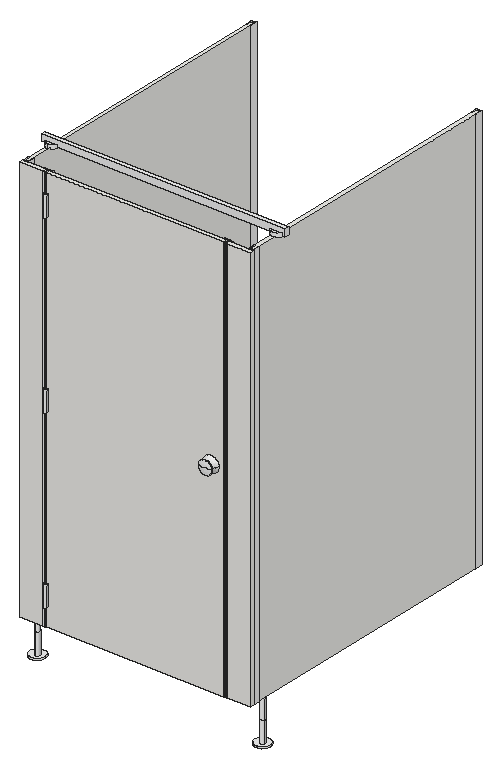
Revit family "Alsanit - Kabiny sanitarne LIFT - LPW", category Doors, Revit 2020
Family settings
  Work Plane-Based = No
  Always vertical = Yes
  Cut with Voids When Loaded = No
  Shared = No
  Room Calculation Point = No
Parameters (values of type "18 mm")
  Średnica wspornika górnego = 57.00 mm  # constant formula
  Średnica nóżki 3 = 70.00 mm  # constant formula
  Średnica nóżki 2 = 22.00 mm  # constant formula
  Width = 0.00 mm  # constant formula
  Type Comments = "Kabiny sanitarne (ścianki giszetowe do WC)"
  Thickness = Grubość ścianki  # 18.00 mm
  Szerokość drzwi (max. 1000 mm) [instance] = 800.00 mm
  Rough Width = 0.00 mm  # constant formula
  Rough Height = 0.00 mm  # constant formula
  Prawa podpora belki widoczność [instance] = not(Prawa strona przy ścianie)  # yes
  Prawa belka odsunięcie [instance] = if(Prawa strona przy ścianie, 0.00 mm, if(Prawa strona połączona, 0.00 mm, 29.00 mm))  # 29.00 mm
  Podcięcie na geberit - prawe [instance] = no
  Podcięcie na geberit - prawa wartość [instance] = if([Podcięcie na geberit - prawe], Szerokość wewnętrzna modułu / 2 + 50.00 mm, 5.00 mm)  # 5.00 mm
  Podcięcie na geberit - odsunięcie poziome wartość [instance] = if([Podcięcie na geberit - odsunięcie poziome] = 0.00 mm, 5.00 mm, [Podcięcie na geberit - odsunięcie poziome])  # 5.00 mm
  Podcięcie na geberit - odsunięcie poziome [instance] = 0.00 mm
  Podcięcie na geberit - odsunięcie pionowe wartość [instance] = if([Podcięcie na geberit - odsunięcie pionowe] = 0.00 mm, 5.00 mm, [Podcięcie na geberit - odsunięcie pionowe])  # 5.00 mm
  Podcięcie na geberit - odsunięcie pionowe [instance] = 0.00 mm
  Podcięcie na geberit - lewe [instance] = no
  Podcięcie na geberit - lewa wartość [instance] = if([Podcięcie na geberit - lewe], Szerokość wewnętrzna modułu / 2 + 50.00 mm, 5.00 mm)  # 5.00 mm
  Nóżka prawa centralna [instance] = not(Prawa strona przy ścianie)  # yes
  Nóżka lewa centralna [instance] = not(or(Lewa strona przy ścianie, Lewa strona połączona))  # yes
  Średnica nóżki 1 = 20.00 mm  # constant formula
  Lewa strona belka odsunięcie [instance] = if(Lewa strona przy ścianie, 0.00 mm, if(Lewa strona połączona, 0.00 mm, 29.00 mm))  # 29.00 mm
  Lewa podpora belki widoczność [instance] = and(not(Lewa strona przy ścianie), not(Lewa strona połączona))  # yes
  Krótki opis = "Kabiny sanitarne ALSANIT posiadające oznaczenie CE zgodnie z parametrami systemu"
  Height = 0.00 mm  # constant formula
  Function = Interior
  Film Instruktażowy = "https://youtu.be/qyrI1CfgFO4"
  Define Thermal Properties by = Schematic Type
  Construction Type = "Kabiny sanitarne"
  Belka lift widoczność [instance] = if(and((Lewa strona przy ścianie), (Prawa strona przy ścianie)), 1 = 0, 1 = 1)  # yes
  Analytic Construction = "<None>"
  Akcesoria - wzmocnienie pionowe prawe [instance] = [Odsunięcie prawej ścianki od osi (min. 60 mm)] > 399.00 mm  # no
  Akcesoria - wzmocnienie pionowe lewe [instance] = (Szerokość wewnętrzna modułu - [Szerokość drzwi (max. 1000 mm)] - [Odsunięcie prawej ścianki od osi (min. 60 mm)]) > 400.00 mm  # no
  Wysokość ścianki łączącej [instance] = Wysokość modułu  # 2030.00 mm
  Szerokość zewnętrzna modułu [instance] = 1042.00 mm
  Szerokość wewnętrzna modułu [instance] = 1000.00 mm
  Szerokość obliczona [instance] = if(and(Lewa strona przy ścianie, Prawa strona przy ścianie), Szerokość wewnętrzna modułu - 2 * (Grubość ścianki + 7.00 mm), if(or(Lewa strona przy ścianie, Prawa strona przy ścianie), Szerokość wewnętrzna modułu - Grubość ścianki - 7.00 mm, Szerokość wewnętrzna modułu))  # 1000.00 mm
  Odsunięcie górne ścianek frontowych [instance] = 0.00 mm  # constant formula
  Wysokość modułu [instance] = 2030.00 mm  # constant formula
  URL = "https://www.alsanit.pl/"
  Rodzaj płyt = "LPW - Laminowana płyta wiórowa"
  Prawe odsunięcie belki dolnej [instance] = if(Prawa strona przy ścianie, 30.00 mm, 0.00 mm)  # 0.00 mm
  Prawa strona niepołączona [instance] = not(Prawa strona połączona)  # yes
  Odsunięcie górne belek frontowych [instance] = 0.00 mm  # constant formula
  Model = "LIFT"
  Manufacturer = "Alsanit"
  Lewe odsunięcie belki dolnej [instance] = if(Lewa strona przy ścianie, 30.00 mm, 0.00 mm)  # 0.00 mm
  Lewa strona niepołączona [instance] = not(Lewa strona połączona)  # yes
  Głębokość modułu (max. 1600 mm) [instance] = 1290.00 mm
  Głębokość modułu [instance] = if([Głębokość modułu (max. 1600 mm)] > 1500.00 mm, 1600.00 mm, [Głębokość modułu (max. 1600 mm)])  # 1290.00 mm
  Description = "Kabiny sanitarne to idealna kombinacja trwałości i estetyki w najnowszej cenie. Ze względu na estetyczność zastosowań jest najchętniej kupowanym systemem kabin sanitarnych w Polsce."
  Autor = "www.archispace.pl"
  Orientacja - na zewnątrz [instance] = not([Orientacja - do wewnątrz])  # yes
  Orientacja - do wewnątrz [instance] = no
  Wysokość drzwi [instance] = Wysokość modułu  # 2030.00 mm
  Ścianka łącząca [instance] = not(Prawa strona przy ścianie)  # yes
  Szerokość drzwi [instance] = if([Szerokość drzwi (max. 1000 mm)] > 1000.00 mm, 1000.00 mm, [Szerokość drzwi (max. 1000 mm)])  # 800.00 mm
  Prawe odsunięcie osi [instance] = if(Prawa strona zamknięta, Grubość ścianki / 2 + 3.00 mm, if(Prawa strona przy ścianie, Grubość ścianki / 2 + 7.00 mm, 0.00 mm))  # 12.00 mm
  Prawa strona zamknięta typ = Rodzaj połączenia : Zamknięta
  Prawa strona zamknięta [instance] = [Połączenie - prawa strona] = Prawa strona zamknięta typ  # yes
  Prawa strona przy ścianie typ = Rodzaj połączenia : Przy ścianie
  Prawa strona przy ścianie [instance] = [Połączenie - prawa strona] = Prawa strona przy ścianie typ  # no
  Prawa strona połączona typ = Rodzaj połączenia : Połączona
  Prawa strona połączona [instance] = [Połączenie - prawa strona] = Prawa strona połączona typ  # no
  Prawe odsunięcie osi panelu [instance] = if(Prawa strona przy ścianie, 10.00 mm, 0.00 mm)  # 0.00 mm
  Odsunięcie prawej ścianki od osi (min. 60 mm) [instance] = 102.00 mm
  Połączenie - prawa strona [instance] = Rodzaj połączenia : Zamknięta
  Orientacja - odbij lustrzanie [instance] = no
  Materiał płyt = Alsanit - LPW - Biały 9016
  Materiał okuć = Alsanit - Aluminium
  Materiał wsporników = Alsanit - Aluminium
  Materiał belek = Alsanit - Aluminium
  Lewe odsunięcie osi panelu [instance] = if(Lewa strona przy ścianie, 10.00 mm, 0.00 mm)  # 0.00 mm
  Lewe odsunięcie osi [instance] = if(Lewa strona zamknięta, Grubość ścianki / 2 + 3.00 mm, if(Lewa strona przy ścianie, Grubość ścianki / 2 + 7.00 mm, 0.00 mm))  # 12.00 mm
  Lewa strona zamknięta typ = Rodzaj połączenia : Zamknięta
  Lewa strona zamknięta [instance] = [Połączenie - lewa strona] = Lewa strona zamknięta typ  # yes
  Lewa strona przy ścianie typ = Rodzaj połączenia : Przy ścianie
  Lewa strona przy ścianie [instance] = [Połączenie - lewa strona] = Lewa strona przy ścianie typ  # no
  Lewa strona połączona typ = Rodzaj połączenia : Połączona
  Lewa strona połączona [instance] = [Połączenie - lewa strona] = Lewa strona połączona typ  # no
  Odsunięcie lewej ścianki od osi (min. 60 mm) [instance] = 102.00 mm
  Połączenie - lewa strona [instance] = Rodzaj połączenia : Zamknięta
  Grubość ścianki = 18.00 mm
  Default Elevation = 0.00 mm
  Orientacja - bez odbicia [instance] = not([Orientacja - odbij lustrzanie])  # yes
Reference planes
  plane 1 "Center (Front/Back)": y = 0
  plane 2: z = 0
  plane 3 "Center (Left/Right)": x = 0
  plane 4: x = -500
  plane 5: x = 500
  plane 6: x = 509
  plane 7: x = 518
  plane 8: x = -509
  plane 9: x = -518
  plane 10: y = -1290
  plane 11: y = -1308
  plane 12: y = -10
  plane 13: y = -1284
  plane 14: y = -1299
  plane 15 "Lewa oś wstawienia": x = -521
  plane 16 "Prawa oś wstawienia": x = 521
  plane 17: y = -1224.5
  plane 18: x = 407
  plane 19: x = 400
  plane 20: x = -400
  plane 21: x = -407
  plane 22 "Prawe odsunięcie osi panelu": x = 521
  plane 23 "Lewe odsunięcie osi panelu": x = -521
  plane 24: x = 0
  plane 25: x = -423.5
  plane 26: x = 423.5
  plane 27: z = 188
  plane 28 "Wysokość modułu": z = 2030
  plane 29 "Odsunięcie górne ścianek frontowych": z = 2030
  plane 30: y = -1288.5
  plane 31: x = -521
  plane 32: x = 521
  plane 33: z = 100
  plane 34: z = 243.5
  plane 35: z = 2030
  plane 36: z = 188
  plane 37: x = -521
  plane 38: x = 521
  plane 39: z = 188
  plane 40: z = 2030
  plane 41: z = 2030
  plane 42: z = 2030
  plane 43: z = 2030
  plane 44: z = 2030
  plane 45: z = 2030
  plane 46: z = 2000
  plane 47: z = 2030
  plane 48: x = 597
  plane 49: x = -597
  plane 50: z = 2035
  plane 51: z = 2030
  plane 52: z = 2000
  plane 53: z = 2000
  plane 54: z = 2000
  plane 55: z = 2000
  plane 56: x = -606
  plane 57: x = -588
  plane 58: x = 588
  plane 59: x = 606
  plane 60: x = -5
  plane 61: x = 5
  plane 62: z = 5
  plane 63: y = -5
  plane 64: z = 5
  plane 65: y = -5
  plane 66: y = -1140
  plane 67: z = 5
  plane 68: z = 2045
  plane 69: x = -550
  plane 70: x = 550
Forms (mm)
  Sweep 1, solid, material "Alsanit - LPW - Biały 9016" <- "Materiał płyt", visible <- "Ścianka łącząca"
    path origin (0, 0, 0) x (1, 0, 0) y (0, 0, 1)
      loop
        line (509, 188) -> (509, 2030)
    profile origin (509, 0, 1109) x (-1, 0, 0) y (0, -1, 0)
      loop
        line (9, 10) -> (9, 1284) -> (-9, 1284) -> (-9, 10) -> (9, 10)
  Sweep 2, solid, material "Alsanit - LPW - Biały 9016" <- "Materiał płyt", visible <- "Lewa strona zamknięta"
    path origin (0, 0, 0) x (-1, 0, 0) y (0, 0, 1)
      loop
        line (509, 188) -> (509, 2030)
    profile origin (-509, 0, 1109) x (-1, 0, 0) y (0, -1, 0)
      loop
        line (-9, 10) -> (9, 10) -> (9, 1284) -> (-9, 1284) -> (-9, 10)
  Sweep 3, solid, material "Alsanit - Aluminium" <- "Materiał belek", visible <- "Ścianka łącząca", detail levels medium+fine
    path origin (0, 0, 0) x (1, 0, 0) y (0, 0, 1)
      loop
        line (509, 2030) -> (509, 188)
    profile "U-profile : U-profile" origin (509, 0, 1109) x (1, 0, 0) y (0, -1, 0)
      loop
        line (10.5, 0) -> (10.5, 30) -> (9, 30) -> (9, 1.5) -> (-9, 1.5) -> (-9, 30) -> (-10.5, 30) -> (-10.5, 0) -> (10.5, 0)
  Sweep 4, solid, material "Alsanit - Aluminium" <- "Materiał belek", visible <- "Lewa strona zamknięta", detail levels medium+fine
    path origin (0, 0, 0) x (-1, 0, 0) y (0, 0, 1)
      loop
        line (509, 2030) -> (509, 188)
    profile "U-profile : U-profile" origin (-509, 0, 1109) x (1, 0, 0) y (0, -1, 0)
      loop
        line (10.5, 0) -> (10.5, 30) -> (9, 30) -> (9, 1.5) -> (-9, 1.5) -> (-9, 30) -> (-10.5, 30) -> (-10.5, 0) -> (10.5, 0)
  Sweep 5, solid, material "Alsanit - Aluminium" <- "Materiał belek", visible <- "Lewa strona zamknięta", detail levels medium+fine
    path origin (673.537, -1290, 1200) x (1, 0, 0) y (0, 0, 1)
      loop
        line (-1182.537, 830) -> (-1182.537, -1012)
    profile "U-profile : U-profile" origin (-509, -1290, 1109) x (1, 0, 0) y (0, -1, 0)
      loop
        line (-10.5, 0) -> (-10.5, -30) -> (-9, -30) -> (-9, -1.5) -> (9, -1.5) -> (9, -30) -> (10.5, -30) -> (10.5, 0) -> (-10.5, 0)
  Sweep 6, solid, material "Alsanit - Aluminium" <- "Materiał belek", visible <- "Ścianka łącząca", detail levels medium+fine
    path origin (673.537, -1290, 1200) x (1, 0, 0) y (0, 0, 1)
      loop
        line (-164.537, 830) -> (-164.537, -1012)
    profile "U-profile : U-profile" origin (509, -1290, 1109) x (1, 0, 0) y (0, -1, 0)
      loop
        line (-10.5, 0) -> (-10.5, -30) -> (-9, -30) -> (-9, -1.5) -> (9, -1.5) -> (9, -30) -> (10.5, -30) -> (10.5, 0) -> (-10.5, 0)
  Extrusion 7, solid, material "Alsanit - LPW - Biały 9016" <- "Materiał płyt", detail levels medium+fine
    sketch origin (0, 0, 0) x (1, 0, 0) y (0, 1, 0)
      loop
        line (-521, -1290) -> (-521, -1308) -> (-407, -1308) -> (-407, -1290) -> (-521, -1290)
    from 188 to 2030
  Extrusion 8, solid, material "Alsanit - LPW - Biały 9016" <- "Materiał płyt", detail levels medium+fine
    sketch origin (0, 0, 0) x (-1, 0, 0) y (0, -1, 0)
      loop
        line (-521, 1290) -> (-407, 1290) -> (-407, 1308) -> (-521, 1308) -> (-521, 1290)
    from 188 to 2030
  Sweep 9, solid, material "Alsanit - Aluminium" <- "Materiał belek", visible <- "Lewa strona przy ścianie", detail levels medium+fine
    path origin (-771.956, -1299, 1200) x (-1, 0, 0) y (0, 0, 1)
      loop
        line (-250.956, -1012) -> (-250.956, 830)
    profile "U-profile : U-profile" origin (-521, -1299, 1109) x (1, 0, 0) y (0, 1, 0)
      loop
        line (0, -10.5) -> (30, -10.5) -> (30, -9) -> (1.5, -9) -> (1.5, 9) -> (30, 9) -> (30, 10.5) -> (0, 10.5) -> (0, -10.5)
  Sweep 10, solid, material "Alsanit - Aluminium" <- "Materiał belek", visible <- "Prawa strona przy ścianie", detail levels medium+fine
    path origin (771.956, -1299, 1200) x (1, 0, 0) y (0, 0, -1)
      loop
        line (-250.956, 1012) -> (-250.956, -830)
    profile "U-profile : U-profile" origin (521, -1299, 1109) x (1, 0, 0) y (0, 1, 0)
      loop
        line (0, 10.5) -> (-30, 10.5) -> (-30, 9) -> (-1.5, 9) -> (-1.5, -9) -> (-30, -9) -> (-30, -10.5) -> (0, -10.5) -> (0, 10.5)
  Sweep 11, solid, material "Alsanit - Aluminium" <- "Materiał belek", not visible, detail levels medium+fine
    path origin (673.537, -1290, 1200) x (1, 0, 0) y (0, 0, 1)
      loop
        line (-1194.537, 830) -> (-152.537, 830)
    profile origin (0, -1290, 2030) x (0, 0, 1) y (0, -1, 0)
      loop
        line (0, 18) -> (-30, 18) -> (-30, 0) -> (0, 0) -> (0, 18)
  Extrusion 12, solid, material "Alsanit - LPW - Biały 9016" <- "Materiał płyt", detail levels coarse
    sketch origin (0, 0, 0) x (1, 0, 0) y (0, 1, 0)
      loop
        line (-521, -1290) -> (-521, -1308) -> (521, -1308) -> (521, -1290) -> (-521, -1290)
    from 188 to 2030
  Sweep 13, solid, material "Alsanit - Aluminium" <- "Materiał belek", not visible, detail levels medium+fine
    path origin (-998.294, -1524, 2030) x (-1, 0, 0) y (0, -1, 0)
      loop
        line (-489.294, -1524) -> (-489.294, -235.5)
    profile "U-profile : U-profile" origin (-509, -644.25, 2030) x (1, 0, 0) y (0, 0, 1)
      loop
        line (-10.5, 0) -> (-10.5, -30) -> (-9, -30) -> (-9, -1.5) -> (9, -1.5) -> (9, -30) -> (10.5, -30) -> (10.5, 0) -> (-10.5, 0)
  Sweep 14, solid, material "Alsanit - Aluminium" <- "Materiał belek", not visible, detail levels medium+fine
    path origin (-998.294, -1524, 2030) x (-1, 0, 0) y (0, -1, 0)
      loop
        line (-1507.294, -1524) -> (-1507.294, -235.5)
    profile "U-profile : U-profile" origin (509, -644.25, 2030) x (1, 0, 0) y (0, 0, 1)
      loop
        line (-10.5, 0) -> (-10.5, -30) -> (-9, -30) -> (-9, -1.5) -> (9, -1.5) -> (9, -30) -> (10.5, -30) -> (10.5, 0) -> (-10.5, 0)
  Sweep 15, solid, material "Alsanit - Aluminium" <- "Materiał belek", not visible, detail levels medium+fine
    path origin (-771.956, -1299, 4200) x (-1, 0, 0) y (0, 0, 1)
      loop
        line (-250.956, -2170) -> (-1292.956, -2170)
    profile "U-profile : U-profile" origin (0, -1299, 2030) x (0, 0, -1) y (0, 1, 0)
      loop
        line (0, -10.5) -> (30, -10.5) -> (30, -9) -> (1.5, -9) -> (1.5, 9) -> (30, 9) -> (30, 10.5) -> (0, 10.5) -> (0, -10.5)
  Sweep 16, solid, material "Alsanit - Aluminium" <- "Materiał belek", not visible, detail levels medium+fine
    path origin (-771.956, -1299, 1200) x (-1, 0, 0) y (0, 0, 1)
      loop
        line (-250.956, 830) -> (-1292.956, 830)
    profile "U-profile : U-profile" origin (0, -1299, 2030) x (0, 0, -1) y (0, 1, 0)
      loop
        line (0, -10.5) -> (30, -10.5) -> (30, -9) -> (1.5, -9) -> (1.5, 9) -> (30, 9) -> (30, 10.5) -> (0, 10.5) -> (0, -10.5)
  Sweep 17, solid, material "Alsanit - Aluminium" <- "Materiał belek", not visible
    path origin (0, 0, 0) x (1, 0, 0) y (0, 1, 0)
      loop
        line (-509, 0) -> (-509, -1290)
    profile "U-profile : U-profile" origin (-509, -645, 0) x (1, 0, 0) y (0, 0, 1)
      loop
        line (10.5, 0) -> (10.5, 30) -> (9, 30) -> (9, 1.5) -> (-9, 1.5) -> (-9, 30) -> (-10.5, 30) -> (-10.5, 0) -> (10.5, 0)
  Sweep 18, solid, material "Alsanit - Aluminium" <- "Materiał belek", not visible
    path origin (0, 0, 0) x (-1, 0, 0) y (0, -1, 0)
      loop
        line (-509, 0) -> (-509, 1290)
    profile "U-profile : U-profile" origin (509, -645, 0) x (1, 0, 0) y (0, 0, 1)
      loop
        line (-10.5, 0) -> (10.5, 0) -> (10.5, 30) -> (9, 30) -> (9, 1.5) -> (-9, 1.5) -> (-9, 30) -> (-10.5, 30) -> (-10.5, 0)
  Sweep 19, solid, material "Alsanit - Aluminium" <- "Materiał belek", not visible
    path origin (0, 0, 0) x (1, 0, 0) y (0, 1, 0)
      loop
        line (-521, -1299) -> (-407, -1299)
    profile "U-profile : U-profile" origin (-464, -1299, 0) x (0, 1, 0) y (0, 0, 1)
      loop
        line (10.5, 0) -> (10.5, 30) -> (9, 30) -> (9, 1.5) -> (-9, 1.5) -> (-9, 30) -> (-10.5, 30) -> (-10.5, 0) -> (10.5, 0)
  Sweep 20, solid, material "Alsanit - Aluminium" <- "Materiał belek", not visible
    path origin (0, 0, 0) x (-1, 0, 0) y (0, -1, 0)
      loop
        line (-521, 1299) -> (-407, 1299)
    profile "U-profile : U-profile" origin (464, -1299, 0) x (0, -1, 0) y (0, 0, 1)
      loop
        line (-10.5, 0) -> (10.5, 0) -> (10.5, 30) -> (9, 30) -> (9, 1.5) -> (-9, 1.5) -> (-9, 30) -> (-10.5, 30) -> (-10.5, 0)
  Sweep 21, solid, material "Alsanit - LPW - Biały 9016" <- "Materiał płyt", visible <- "Akcesoria - wzmocnienie pionowe prawe", detail levels medium+fine
    path origin (-771.956, -1299, 1200) x (-1, 0, 0) y (0, 0, 1)
      loop
        line (-1368.956, -1012) -> (-1368.956, 800)
    profile origin (597, -1299, 1094) x (1, 0, 0) y (0, 1, 0)
      loop
        line (-9, 15) -> (9, 15) -> (9, 110) -> (-9, 110) -> (-9, 15)
  Sweep 22, solid, material "Alsanit - Aluminium" <- "Materiał belek", visible <- "Akcesoria - wzmocnienie pionowe prawe", detail levels medium+fine
    path origin (673.537, -1290, 1200) x (1, 0, 0) y (0, 0, 1)
      loop
        line (-76.537, -1012) -> (-76.537, 800)
    profile "U-profile : U-profile" origin (597, -1290, 1094) x (-1, 0, 0) y (0, -1, 0)
      loop
        line (-10.5, 0) -> (-10.5, -30) -> (-9, -30) -> (-9, -1.5) -> (9, -1.5) -> (9, -30) -> (10.5, -30) -> (10.5, 0) -> (-10.5, 0)
  Sweep 23, solid, material "Alsanit - LPW - Biały 9016" <- "Materiał płyt", visible <- "Akcesoria - wzmocnienie pionowe lewe", detail levels medium+fine
    path origin (1162.956, -1299, 1200) x (1, 0, 0) y (0, 0, -1)
      loop
        line (-1759.956, 1012) -> (-1759.956, -800)
    profile origin (-597, -1299, 1094) x (1, 0, 0) y (0, 1, 0)
      loop
        line (9, 15) -> (9, 110) -> (-9, 110) -> (-9, 15) -> (9, 15)
  Sweep 24, solid, material "Alsanit - Aluminium" <- "Materiał belek", visible <- "Akcesoria - wzmocnienie pionowe lewe", detail levels medium+fine
    path origin (673.537, -1290, 1200) x (1, 0, 0) y (0, 0, 1)
      loop
        line (-1270.537, -1012) -> (-1270.537, 800)
    profile "U-profile : U-profile" origin (-597, -1290, 1094) x (-1, 0, 0) y (0, -1, 0)
      loop
        line (10.5, 0) -> (-10.5, 0) -> (-10.5, -30) -> (-9, -30) -> (-9, -1.5) -> (9, -1.5) -> (9, -30) -> (10.5, -30) -> (10.5, 0)
  Sweep 25, solid, material "Alsanit - Aluminium" <- "Materiał belek", not visible
    path origin (0, -160, 0) x (1, 0, 0) y (0, 1, 0)
      loop
        line (-521, -1139) -> (521, -1139)
    profile origin (0, -1299, 0) x (0, 1, 0) y (0, 0, 1)
      loop
        line (-14, 2000) -> (-14, 2010.006) -> (14, 2010.006) -> (14, 2000) -> (19.963, 2000)
        arc (19.963, 2000) -> (21.246, 2000.465) -> (21.932, 2001.645) r 2
        arc (21.932, 2001.645) -> (23.364, 2023.268) -> (16.301, 2043.756) r 54.795
        arc (16.301, 2043.756) -> (15.681, 2044.135) -> (14.965, 2044.267) r 2
        line (14.965, 2044.267) -> (14.002, 2044.267) -> (14.002, 2042.867) -> (15.303, 2042.867)
        arc (15.303, 2042.867) -> (21.181, 2027.973) -> (22.387, 2012.006) r 53.485
        line (22.387, 2012.006) -> (-19.028, 2012.006) -> (-19.028, 2032.006) -> (-31.863, 2032.006)
        arc (-31.863, 2032.006) -> (-33.105, 2031.574) -> (-33.81, 2030.464) r 2
        arc (-33.81, 2030.464) -> (-35.749, 2016) -> (-33.807, 2001.537) r 54.859
        arc (-33.807, 2001.537) -> (-33.101, 2000.431) -> (-31.861, 2000) r 2
        line (-31.861, 2000) -> (-14, 2000)
  Sweep 26, solid, material "Alsanit - Aluminium" <- "Materiał belek", visible <- "Orientacja - na zewnątrz", detail levels medium+fine
    path origin (-771.956, -1299, 1200) x (-1, 0, 0) y (0, 0, 1)
      loop
        line (-364.956, 830) -> (-364.956, -1012)
    profile "LPW profile : LPW profile" origin (-407, -1299, 1109) x (-1, 0, 0) y (0, 1, 0)
      loop
        line (0, 9) -> (19, 9) -> (19, 10.5) -> (-0.7, 10.5) -> (-0.7, 15) -> (-19.7, 15) -> (-19.7, 10.5) -> (-11.2, 10.5) -> (-11.2, 13.7) -> (-2, 13.7) -> (-2, -10.5) -> (8, -10.5) -> (8, -9) -> (0, -9) -> (0, 9)
  Sweep 27, solid, material "Alsanit - Aluminium" <- "Materiał belek", visible <- "Orientacja - na zewnątrz", detail levels medium+fine
    path origin (-771.956, -1299, 1200) x (-1, 0, 0) y (0, 0, 1)
      loop
        line (-1178.956, 830) -> (-1178.956, -1012)
    profile "LPW profile : LPW profile" origin (407, -1299, 1109) x (-1, 0, 0) y (0, 1, 0)
      loop
        line (0, 9) -> (0, -9) -> (-8, -9) -> (-8, -10.5) -> (2, -10.5) -> (2, 13.7) -> (11.2, 13.7) -> (11.2, 10.5) -> (19.7, 10.5) -> (19.7, 15) -> (0.7, 15) -> (0.7, 10.5) -> (-19, 10.5) -> (-19, 9) -> (0, 9)
  Sweep 28, solid, material "Alsanit - Aluminium" <- "Materiał belek", visible <- "Orientacja - do wewnątrz", detail levels medium+fine
    path origin (-771.956, -1299, 1200) x (-1, 0, 0) y (0, 0, 1)
      loop
        line (-364.956, 830) -> (-364.956, -1012)
    profile "LPW profile : LPW profile" origin (-407, -1299, 1109) x (-1, 0, 0) y (0, 1, 0)
      loop
        line (0, -9) -> (0, 9) -> (8, 9) -> (8, 10.5) -> (-2, 10.5) -> (-2, -13.7) -> (-11.2, -13.7) -> (-11.2, -10.5) -> (-19.7, -10.5) -> (-19.7, -15) -> (-0.7, -15) -> (-0.7, -10.5) -> (19, -10.5) -> (19, -9) -> (0, -9)
  Sweep 29, solid, material "Alsanit - Aluminium" <- "Materiał belek", visible <- "Orientacja - do wewnątrz", detail levels medium+fine
    path origin (-771.956, -1299, 1200) x (-1, 0, 0) y (0, 0, 1)
      loop
        line (-1178.956, 830) -> (-1178.956, -1012)
    profile "LPW profile : LPW profile" origin (407, -1299, 1109) x (-1, 0, 0) y (0, 1, 0)
      loop
        line (0, -9) -> (-19, -9) -> (-19, -10.5) -> (0.7, -10.5) -> (0.7, -15) -> (19.7, -15) -> (19.7, -10.5) -> (11.2, -10.5) -> (11.2, -13.7) -> (2, -13.7) -> (2, 10.5) -> (-8, 10.5) -> (-8, 9) -> (0, 9) -> (0, -9)
  Sweep 30, solid, material "Alsanit - LPW - Biały 9016" <- "Materiał płyt", not visible
    path origin (0, 0, 0) x (1, 0, 0) y (0, 1, 0)
      loop
        line (-400, -1299) -> (400, -1299)
    profile origin (0, -1299, 0) x (0, 1, 0) y (0, 0, 1)
      loop
        line (9, 2030) -> (9, 2035) -> (-9, 2035) -> (-9, 2030) -> (9, 2030)
  Extrusion 31, solid, material "Alsanit - Aluminium" <- "Materiał wsporników", visible <- "Akcesoria - wzmocnienie pionowe lewe"
    sketch origin (-83, 0, 0) x (1, 0, 0) y (0, 1, 0)
      loop
        circle (-514, -1224.5) r 7.5
    from 0 to 188
  Extrusion 32, solid, material "Alsanit - Aluminium" <- "Materiał wsporników", visible <- "Akcesoria - wzmocnienie pionowe prawe"
    sketch origin (1111, 0, 0) x (1, 0, 0) y (0, 1, 0)
      loop
        circle (-514, -1224.5) r 7.5
    from 0 to 188
  Sweep 33, void
    path origin (0, 0, 0) x (1, 0, 0) y (0, 1, 0)
      loop
        line (0, 0) -> (-5, 0)
    profile origin (-2.5, 0, 0) x (0, -1, 0) y (0, 0, 1)
      loop
        line (0, 5) -> (0, 0) -> (5, 0) -> (5, 5) -> (0, 5)
  Sweep 34, void
    path origin (0, 0, 0) x (-1, 0, 0) y (0, -1, 0)
      loop
        line (0, 0) -> (-5, 0)
    profile origin (2.5, 0, 0) x (0, 1, 0) y (0, 0, 1)
      loop
        line (0, 5) -> (-5, 5) -> (-5, 0) -> (0, 0) -> (0, 5)
  Sweep 35, solid, material "Alsanit - Aluminium" <- "Materiał wsporników", visible <- "Nóżka lewa centralna"
    path origin (-771.956, -1299, 1200) x (-1, 0, 0) y (0, 0, 1)
      loop
        line (-262.956, -1012) -> (-262.956, -1100)
    profile origin (-509, -1299, 144) x (0, 1, 0) y (-1, 0, 0)
      loop
        circle (74.5, 0) r 10
  Sweep 36, solid, material "Alsanit - Aluminium" <- "Materiał wsporników", not visible
    path origin (-771.956, -1299, 1200) x (-1, 0, 0) y (0, 0, 1)
      loop
        line (-348.456, -1100) -> (-348.456, -1012)
    profile origin (-423.5, -1299, 144) x (1, 0, 0) y (0, 1, 0)
      loop
        circle (0, 0) r 10
  Sweep 37, solid, material "Alsanit - Aluminium" <- "Materiał wsporników", not visible
    path origin (-771.956, -1299, 1200) x (-1, 0, 0) y (0, 0, 1)
      loop
        line (-1195.456, -1100) -> (-1195.456, -1012)
    profile origin (423.5, -1299, 144) x (1, 0, 0) y (0, 1, 0)
      loop
        circle (0, 0) r 10
  Sweep 38, solid, material "Alsanit - Aluminium" <- "Materiał wsporników", visible <- "Nóżka prawa centralna"
    path origin (-771.956, -1299, 1200) x (-1, 0, 0) y (0, 0, 1)
      loop
        line (-1280.956, -1100) -> (-1280.956, -1012)
    profile origin (509, -1299, 144) x (1, 0, 0) y (0, 1, 0)
      loop
        circle (0, 74.5) r 10
  Sweep 39, solid, material "Alsanit - Aluminium" <- "Materiał wsporników", visible <- "Nóżka lewa centralna"
    path origin (-771.956, -1299, 1200) x (-1, 0, 0) y (0, 0, 1)
      loop
        line (-262.956, -1100) -> (-262.956, -1195)
    profile origin (-509, -1299, 52.5) x (0, 1, 0) y (-1, 0, 0)
      loop
        circle (74.5, 0) r 11
  Sweep 40, solid, material "Alsanit - Aluminium" <- "Materiał wsporników", not visible
    path origin (-771.956, -1299, 1200) x (-1, 0, 0) y (0, 0, 1)
      loop
        line (-348.456, -1195) -> (-348.456, -1100)
    profile origin (-423.5, -1299, 52.5) x (1, 0, 0) y (0, 1, 0)
      loop
        circle (0, 0) r 11
  Sweep 41, solid, material "Alsanit - Aluminium" <- "Materiał wsporników", not visible
    path origin (-771.956, -1299, 1200) x (-1, 0, 0) y (0, 0, 1)
      loop
        line (-1195.456, -1195) -> (-1195.456, -1100)
    profile origin (423.5, -1299, 52.5) x (1, 0, 0) y (0, 1, 0)
      loop
        circle (0, 0) r 11
  Sweep 42, solid, material "Alsanit - Aluminium" <- "Materiał wsporników", visible <- "Nóżka prawa centralna"
    path origin (-771.956, -1299, 1200) x (-1, 0, 0) y (0, 0, 1)
      loop
        line (-1280.956, -1195) -> (-1280.956, -1100)
    profile origin (509, -1299, 52.5) x (1, 0, 0) y (0, 1, 0)
      loop
        circle (0, 74.5) r 11
  Sweep 43, solid, material "Alsanit - Aluminium" <- "Materiał wsporników", visible <- "Nóżka lewa centralna"
    path origin (-771.956, -1299, 1200) x (-1, 0, 0) y (0, 0, 1)
      loop
        line (-262.956, -1200) -> (-262.956, -1195)
    profile origin (-509, -1299, 2.5) x (1, 0, 0) y (0, 1, 0)
      loop
        circle (0, 74.5) r 35
  Sweep 44, solid, material "Alsanit - Aluminium" <- "Materiał wsporników", not visible
    path origin (-771.956, -1299, 1200) x (-1, 0, 0) y (0, 0, 1)
      loop
        line (-348.456, -1200) -> (-348.456, -1195)
    profile origin (-423.5, -1299, 2.5) x (1, 0, 0) y (0, 1, 0)
      loop
        circle (0, 0) r 35
  Sweep 45, solid, material "Alsanit - Aluminium" <- "Materiał wsporników", not visible
    path origin (-771.956, -1299, 1200) x (-1, 0, 0) y (0, 0, 1)
      loop
        line (-1195.456, -1200) -> (-1195.456, -1195)
    profile origin (423.5, -1299, 2.5) x (1, 0, 0) y (0, 1, 0)
      loop
        circle (0, 0) r 35
  Sweep 46, solid, material "Alsanit - Aluminium" <- "Materiał wsporników", visible <- "Nóżka prawa centralna"
    path origin (-771.956, -1299, 1200) x (-1, 0, 0) y (0, 0, 1)
      loop
        line (-1280.956, -1200) -> (-1280.956, -1195)
    profile origin (509, -1299, 2.5) x (1, 0, 0) y (0, 1, 0)
      loop
        circle (0, 74.5) r 35
  Sweep 47, solid, material "Alsanit - Aluminium" <- "Materiał belek", visible <- "Lewa podpora belki widoczność", detail levels medium+fine
    path origin (-423.5, -1117.282, 1200) x (0, 1, 0) y (0, 0, 1)
      loop
        line (-22.718, 830) -> (-22.718, 845)
    profile origin (-423.5, -1140, 2037.5) x (0, -1, 0) y (1, 0, 0)
      loop
        circle (0, -85.5) r 28.5
  Sweep 48, solid, material "Alsanit - Aluminium" <- "Materiał belek", visible <- "Prawa podpora belki widoczność", detail levels medium+fine
    path origin (-423.5, -1117.282, 1200) x (0, 1, 0) y (0, 0, 1)
      loop
        line (-22.718, 845) -> (-22.718, 830)
    profile origin (-423.5, -1140, 2037.5) x (1, 0, 0) y (0, 1, 0)
      loop
        circle (932.5, 0) r 28.5
  Sweep 49, solid, material "Alsanit - Aluminium" <- "Materiał belek", visible <- "Belka lift widoczność", detail levels medium+fine
    path origin (0, 0, 0) x (1, 0, 0) y (0, 1, 0)
      loop
        line (-550, -1140) -> (550, -1140)
    profile origin (0, -1140, 0) x (0, 1, 0) y (0, 0, 1)
      loop
        line (10, 2035) -> (10, 2065) -> (-10, 2065) -> (-10, 2035) -> (10, 2035)
Cuts and joins
  Sweep 33 cuts Sweep 4
  Sweep 33 cuts Sweep 2
  Sweep 33 cuts Sweep 17
  Sweep 34 cuts Sweep 1
  Sweep 34 cuts Sweep 3
  Sweep 34 cuts Sweep 18
  joined: Sweep 35, Sweep 39, Sweep 43
  joined: Sweep 36, Sweep 40, Sweep 44
  joined: Sweep 37, Sweep 41, Sweep 45
  joined: Sweep 38, Sweep 42, Sweep 46
Lines and regions (mm)
  model lines, style "Doors", detail levels medium+fine
    curve 1: line (407, -1308, 2030) -> (407, -1308, 188)
    curve 3: line (521, -1308, 2030) -> (407, -1308, 2030)
    curve 6: line (-407, -1308, 188) -> (-407, -1308, 2030)
    curve 7: line (-407, -1308, 2030) -> (-521, -1308, 2030)
    curve 10: line (-407, -1290, 188) -> (-407, -1308, 188)
    curve 11: line (407, -1290, 188) -> (407, -1308, 188)
    curve 14: line (-407, -1290, 2030) -> (-407, -1308, 2030)
    curve 15: line (407, -1290, 2030) -> (407, -1308, 2030)
    curve 17: line (407, -1290, 2030) -> (407, -1290, 188)
    curve 19: line (521, -1290, 2030) -> (407, -1290, 2030)
    curve 20: line (407, -1290, 188) -> (521, -1290, 188)
    curve 22: line (-407, -1290, 188) -> (-407, -1290, 2030)
    curve 23: line (-407, -1290, 2030) -> (-521, -1290, 2030)
    curve 24: line (-521, -1290, 188) -> (-407, -1290, 188)
  model lines, style "Doors", visible <- "Prawa strona niepołączona", detail levels medium+fine
    curve 2: line (521, -1308, 188) -> (521, -1308, 2030)
    curve 12: line (521, -1290, 188) -> (521, -1308, 188)
    curve 16: line (521, -1290, 2030) -> (521, -1308, 2030)
    curve 18: line (521, -1290, 188) -> (521, -1290, 2030)
  model lines, style "Doors"
    curve 4: line (407, -1308, 188) -> (521, -1308, 188)
    curve 8: line (-521, -1308, 188) -> (-407, -1308, 188)
  model lines, style "Doors", visible <- "Lewa strona niepołączona", detail levels medium+fine
    curve 5: line (-521, -1308, 2030) -> (-521, -1308, 188)
    curve 9: line (-521, -1290, 188) -> (-521, -1308, 188)
    curve 13: line (-521, -1290, 2030) -> (-521, -1308, 2030)
    curve 21: line (-521, -1290, 2030) -> (-521, -1290, 188)
Dimensions and locks
  equal spacing: plane 5, plane 6, plane 7
  "Grubość ścianki": plane 5 to plane 7
  equal spacing: plane 9, plane 8, plane 4
  "Grubość ścianki": plane 9 to plane 4
  "Głębokość modułu": plane 10 to plane 1 "Center (Front/Back)"
  "Grubość ścianki": plane 11 to plane 10
  locked: plane 12 to plane 1 "Center (Front/Back)" at 10
  locked: plane 10 to plane 13 at 6
  equal spacing: plane 10, plane 14, plane 11
  equal spacing: plane 4, plane 3 "Center (Left/Right)", plane 5
  "Szerokość obliczona": plane 4 to plane 5
  "Lewe odsunięcie osi": plane 15 "Lewa oś wstawienia" to plane 8
  "Prawe odsunięcie osi": plane 6 to plane 16 "Prawa oś wstawienia"
  locked: plane 10 to plane 17 at 65.5
  locked: plane 19 to plane 18 at 7
  locked: plane 21 to plane 20 at 7
  "Szerokość drzwi": plane 20 to plane 19
  equal spacing: plane 20, plane 24, plane 19
  locked: plane 25 to plane 20 at 23.5
  locked: plane 19 to plane 26 at 23.5
  "Odsunięcie prawej ścianki od osi (min. 60 mm)": plane 18 to plane 6
  "Odsunięcie lewej ścianki od osi (min. 60 mm)": plane 8 to plane 21
  "Wysokość modułu": plane 28 "Wysokość modułu" to plane 2
  locked: plane 10 to plane 30 at 1.5
  plane 27 to level = 188.00 mm
  locked: plane 33 to plane 2 at 100
  plane 15 "Lewa oś wstawienia" to plane 31 = 0.00 mm
  plane 32 to plane 16 "Prawa oś wstawienia" = 0.00 mm
  locked: plane 34 to plane 27 at 55.5
  locked: plane 28 "Wysokość modułu" to plane 35
  "Lewe odsunięcie osi panelu": plane 15 "Lewa oś wstawienia" to plane 23 "Lewe odsunięcie osi panelu"
  "Prawe odsunięcie osi panelu": plane 22 "Prawe odsunięcie osi panelu" to plane 16 "Prawa oś wstawienia"
  plane 36 to plane 27 = 0.00 mm
  "Lewe odsunięcie belki dolnej": plane 15 "Lewa oś wstawienia" to plane 37
  "Prawe odsunięcie belki dolnej": plane 38 to plane 16 "Prawa oś wstawienia"
  plane 39 to plane 2 = 188.00 mm
  "Wysokość ścianki łączącej": plane 40 to level
  "Odsunięcie górne belek frontowych": plane 28 "Wysokość modułu" to plane 41
  plane 28 "Wysokość modułu" to plane 42 = 0.00 mm
  "Odsunięcie górne ścianek frontowych": plane 28 "Wysokość modułu" to plane 29 "Odsunięcie górne ścianek frontowych"
  plane 40 to plane 43 = 0.00 mm
  plane 40 to plane 44 = 0.00 mm
  "Odsunięcie górne belek frontowych": plane 28 "Wysokość modułu" to plane 45
  locked: plane 46 to level at 2000
  locked: plane 47 to plane 46 at 30
  "Szerokość zewnętrzna modułu": plane 15 "Lewa oś wstawienia" to plane 16 "Prawa oś wstawienia"
  locked: plane 18 to plane 48 at 190
  locked: plane 49 to plane 21 at 190
  plane 20 to plane 21 = 7.00 mm
  "Wysokość drzwi": plane 51 to level
  locked: plane 50 to plane 51 at 5
  locked: plane 52 to plane 2 at 2000
  locked: plane 54 to level at 2000
  locked: plane 55 to level at 2000
  equal spacing: plane 56, plane 49, plane 57
  "Grubość ścianki": plane 56 to plane 57
  equal spacing: plane 58, plane 48, plane 59
  "Grubość ścianki": plane 58 to plane 59
  "Podcięcie na geberit - lewa wartość": plane 60 to plane 3 "Center (Left/Right)"
  "Podcięcie na geberit - prawa wartość": plane 3 "Center (Left/Right)" to plane 61
  "Podcięcie na geberit - odsunięcie poziome wartość": plane 1 "Center (Front/Back)" to plane 63
  "Podcięcie na geberit - odsunięcie pionowe wartość": plane 62 to level
  "Podcięcie na geberit - odsunięcie pionowe wartość": plane 64 to level
  "Podcięcie na geberit - odsunięcie poziome wartość": plane 1 "Center (Front/Back)" to plane 65
  locked: plane 10 to plane 66 at 150
  equal spacing: Sweep 35 sketch curve, plane 17, Sweep 35 sketch curve
  equal spacing: Sweep 35 sketch curve, plane 8, Sweep 35 sketch curve
  equal spacing: Sweep 36 sketch curve, plane 25, Sweep 36 sketch curve
  equal spacing: Sweep 36 sketch curve, plane 14, Sweep 36 sketch curve
  equal spacing: Sweep 37 sketch curve, plane 14, Sweep 37 sketch curve
  equal spacing: Sweep 37 sketch curve, plane 26, Sweep 37 sketch curve
  equal spacing: Sweep 38 sketch curve, plane 6, Sweep 38 sketch curve
  equal spacing: Sweep 38 sketch curve, plane 17, Sweep 38 sketch curve
  locked: plane 67 to level at 5
  equal spacing: Sweep 39 sketch curve, plane 17, Sweep 39 sketch curve
  equal spacing: Sweep 39 sketch curve, plane 8, Sweep 39 sketch curve
  equal spacing: Sweep 40 sketch curve, plane 14, Sweep 40 sketch curve
  equal spacing: Sweep 40 sketch curve, plane 25, Sweep 40 sketch curve
  equal spacing: Sweep 41 sketch curve, plane 14, Sweep 41 sketch curve
  equal spacing: Sweep 41 sketch curve, plane 26, Sweep 41 sketch curve
  equal spacing: Sweep 42 sketch curve, plane 17, Sweep 42 sketch curve
  equal spacing: Sweep 42 sketch curve, plane 6, Sweep 42 sketch curve
  equal spacing: Sweep 43 sketch curve, plane 17, Sweep 43 sketch curve
  equal spacing: Sweep 43 sketch curve, plane 8, Sweep 43 sketch curve
  equal spacing: Sweep 44 sketch curve, plane 14, Sweep 44 sketch curve
  equal spacing: Sweep 44 sketch curve, plane 25, Sweep 44 sketch curve
  equal spacing: Sweep 45 sketch curve, plane 14, Sweep 45 sketch curve
  equal spacing: Sweep 45 sketch curve, plane 26, Sweep 45 sketch curve
  equal spacing: Sweep 46 sketch curve, plane 17, Sweep 46 sketch curve
  equal spacing: Sweep 46 sketch curve, plane 6, Sweep 46 sketch curve
  equal spacing: Sweep 47 sketch curve, plane 66, Sweep 47 sketch curve
  equal spacing: Sweep 47 sketch curve, plane 8, Sweep 47 sketch curve
  locked: plane 68 to plane 40 at 15
  equal spacing: Sweep 48 sketch curve, plane 6, Sweep 48 sketch curve
  equal spacing: Sweep 48 sketch curve, plane 66, Sweep 48 sketch curve
  equal spacing: Sweep 49 sketch curve, plane 66, Sweep 49 sketch curve
  locked: Sweep 49 sketch curve to Sweep 49 sketch curve at 20
  locked: Sweep 49 sketch curve to Sweep 47 at 5
  locked: Sweep 49 sketch curve to Sweep 49 sketch curve at 30
  "Lewa strona belka odsunięcie": plane 69 to plane 15 "Lewa oś wstawienia"
  "Prawa belka odsunięcie": plane 16 "Prawa oś wstawienia" to plane 70
  "Średnica nóżki 1": diameter of Sweep 35 sketch curve
  "Średnica nóżki 1": diameter of Sweep 36 sketch curve
  "Średnica nóżki 1": diameter of Sweep 37 sketch curve
  "Średnica nóżki 1": diameter of Sweep 38 sketch curve
  "Średnica nóżki 2": diameter of Sweep 39 sketch curve
  "Średnica nóżki 2": diameter of Sweep 40 sketch curve
  "Średnica nóżki 2": diameter of Sweep 41 sketch curve
  "Średnica nóżki 2": diameter of Sweep 42 sketch curve
  "Średnica nóżki 3": diameter of Sweep 43 sketch curve
  "Średnica nóżki 3": diameter of Sweep 44 sketch curve
  "Średnica nóżki 3": diameter of Sweep 45 sketch curve
  "Średnica nóżki 3": diameter of Sweep 46 sketch curve
  "Średnica wspornika górnego": diameter of Sweep 47 sketch curve
  "Średnica wspornika górnego": diameter of Sweep 48 sketch curve
  aligned and locked: level to plane 2
  aligned and locked: plane 5 to Sweep 1 sketch curve
  aligned and locked: Sweep 1 sketch curve to plane 7
  aligned and locked: Sweep 1 sketch curve to plane 13
  aligned and locked: plane 12 to Sweep 1 sketch curve
  aligned and locked: Sweep 2 sketch curve to plane 12
  aligned and locked: plane 9 to Sweep 2 sketch curve
  aligned and locked: plane 4 to Sweep 2 sketch curve
  aligned and locked: plane 13 to Sweep 2 sketch curve
  aligned and locked: plane 6 to Sweep 3 sketch curve
  aligned and locked: Sweep 4 sketch curve to plane 8
  aligned and locked: Sweep 1 sketch curve to plane 6
  aligned and locked: plane 8 to Sweep 2 sketch curve
  aligned and locked: Extrusion 7 sketch curve to plane 21
  aligned and locked: plane 11 to Extrusion 7 sketch curve
  aligned and locked: plane 10 to Extrusion 7 sketch curve
  aligned and locked: Extrusion 7 sketch curve to plane 23 "Lewe odsunięcie osi panelu"
  aligned and locked: Extrusion 8 sketch curve to plane 18
  aligned and locked: Extrusion 8 sketch curve to plane 11
  aligned and locked: Extrusion 8 sketch curve to plane 10
  aligned and locked: plane 22 "Prawe odsunięcie osi panelu" to Extrusion 8 sketch curve
  aligned and locked: plane 10 to nested 1
  aligned and locked: nested 2 to nested 1
  aligned and locked: nested 2 to plane 10
  aligned and locked: nested 1 to plane 24
  aligned and locked: nested 2 to level
  aligned and locked: level to nested 1
  aligned and locked: plane 10 to Extrusion 12 sketch curve
  aligned and locked: plane 11 to Extrusion 12 sketch curve
  aligned and locked: plane 15 "Lewa oś wstawienia" to Extrusion 12 sketch curve
  aligned and locked: Extrusion 12 sketch curve to plane 16 "Prawa oś wstawienia"
  aligned and locked: Extrusion 7 to plane 27
  aligned and locked: Extrusion 8 to plane 27
  aligned and locked: curve 1 to plane 18
  aligned and locked: plane 18 to curve 4
  aligned and locked: curve 4 to plane 27
  aligned and locked: plane 27 to curve 2
  aligned and locked: plane 22 "Prawe odsunięcie osi panelu" to curve 2
  aligned and locked: plane 22 "Prawe odsunięcie osi panelu" to curve 3
  aligned and locked: curve 8 to plane 27
  aligned and locked: plane 23 "Lewe odsunięcie osi panelu" to curve 5
  aligned and locked: plane 21 to curve 6
  aligned and locked: plane 11 to curve 9
  aligned and locked: plane 10 to curve 9
  aligned and locked: curve 10 to plane 21
  aligned and locked: plane 11 to curve 10
  aligned and locked: plane 10 to curve 10
  aligned and locked: curve 11 to plane 18
  aligned and locked: plane 10 to curve 11
  aligned and locked: plane 11 to curve 11
  aligned and locked: plane 10 to curve 12
  aligned and locked: plane 11 to curve 12
  aligned and locked: curve 12 to plane 22 "Prawe odsunięcie osi panelu"
  aligned and locked: plane 10 to curve 13
  aligned and locked: plane 11 to curve 13
  aligned and locked: plane 11 to curve 14
  aligned and locked: plane 10 to curve 14
  aligned and locked: curve 14 to plane 21
  aligned and locked: plane 11 to curve 15
  aligned and locked: plane 10 to curve 15
  aligned and locked: curve 15 to plane 18
  aligned and locked: plane 10 to curve 16
  aligned and locked: plane 11 to curve 16
  aligned and locked: curve 16 to plane 22 "Prawe odsunięcie osi panelu"
  aligned and locked: plane 23 "Lewe odsunięcie osi panelu" to curve 13
  aligned and locked: plane 23 "Lewe odsunięcie osi panelu" to curve 9
  aligned and locked: Extrusion 12 to plane 28 "Wysokość modułu"
  aligned and locked: plane 16 "Prawa oś wstawienia" to Sweep 10 sketch curve
  aligned and locked: plane 15 "Lewa oś wstawienia" to Sweep 9 sketch curve
  aligned and locked: plane 6 to Sweep 6 sketch curve
  aligned and locked: Extrusion 7 to plane 29 "Odsunięcie górne ścianek frontowych"
  aligned and locked: Extrusion 8 to plane 29 "Odsunięcie górne ścianek frontowych"
  aligned and locked: curve 23 to plane 29 "Odsunięcie górne ścianek frontowych"
  aligned and locked: curve 7 to plane 29 "Odsunięcie górne ścianek frontowych"
  aligned and locked: curve 3 to plane 29 "Odsunięcie górne ścianek frontowych"
  aligned and locked: curve 19 to plane 29 "Odsunięcie górne ścianek frontowych"
  aligned and locked: plane 27 to Sweep 1 sketch curve
  aligned and locked: plane 27 to Sweep 2 sketch curve
  aligned and locked: plane 1 "Center (Front/Back)" to Sweep 13 sketch curve
  aligned and locked: Sweep 13 sketch curve to plane 8
  aligned and locked: plane 6 to Sweep 14 sketch curve
  aligned and locked: plane 1 "Center (Front/Back)" to Sweep 14 sketch curve
  aligned and locked: Sweep 15 sketch curve to plane 28 "Wysokość modułu"
  aligned and locked: plane 15 "Lewa oś wstawienia" to Sweep 15 sketch curve
  aligned and locked: plane 16 "Prawa oś wstawienia" to Sweep 15 sketch curve
  aligned and locked: plane 30 to Sweep 13 sketch curve
  aligned and locked: plane 30 to Sweep 14 sketch curve
  aligned and locked: Extrusion 12 to plane 27
  aligned and locked: Sweep 16 sketch curve to plane 28 "Wysokość modułu"
  aligned and locked: plane 16 "Prawa oś wstawienia" to Sweep 16 sketch curve
  aligned and locked: plane 15 "Lewa oś wstawienia" to Sweep 16 sketch curve
  aligned and locked: plane 23 "Lewe odsunięcie osi panelu" to curve 21
  aligned and locked: plane 22 "Prawe odsunięcie osi panelu" to curve 18
  aligned and locked: plane 31 to Sweep 11 sketch curve
  aligned and locked: plane 32 to Sweep 11 sketch curve
  aligned and locked: Sweep 5 sketch curve to plane 35
  aligned and locked: Sweep 4 sketch curve to plane 35
  aligned and locked: plane 1 "Center (Front/Back)" to Sweep 17 sketch curve
  aligned and locked: plane 10 to Sweep 17 sketch curve
  aligned and locked: Sweep 17 sketch curve to plane 8
  aligned and locked: plane 1 "Center (Front/Back)" to Sweep 18 sketch curve
  aligned and locked: plane 10 to Sweep 18 sketch curve
  aligned and locked: plane 6 to Sweep 18 sketch curve
  aligned and locked: plane 36 to Sweep 5 sketch curve
  aligned and locked: plane 36 to Sweep 4 sketch curve
  aligned and locked: plane 36 to Sweep 3 sketch curve
  aligned and locked: plane 36 to Sweep 6 sketch curve
  aligned and locked: plane 21 to Sweep 19 sketch curve
  aligned and locked: Sweep 19 sketch curve to plane 14
  aligned and locked: Sweep 19 sketch curve to plane 37
  aligned and locked: plane 18 to Sweep 20 sketch curve
  aligned and locked: plane 14 to Sweep 20 sketch curve
  aligned and locked: plane 38 to Sweep 20 sketch curve
  aligned and locked: plane 39 to Sweep 9 sketch curve
  aligned and locked: Sweep 10 sketch curve to plane 39
  aligned and locked: plane 40 to Sweep 1 sketch curve
  aligned and locked: plane 41 to Sweep 9 sketch curve
  aligned and locked: plane 42 to Sweep 2 sketch curve
  aligned and locked: plane 43 to Sweep 6 sketch curve
  aligned and locked: plane 44 to Sweep 3 sketch curve
  aligned and locked: plane 45 to Sweep 10 sketch curve
  aligned and locked: Sweep 11 sketch curve to plane 46
  aligned and locked: Sweep 11 sketch curve to plane 47
  aligned and locked: Sweep 21 sketch curve to plane 48
  aligned and locked: plane 49 to Sweep 23 sketch curve
  aligned and locked: plane 49 to Sweep 24 sketch curve
  aligned and locked: plane 16 "Prawa oś wstawienia" to Sweep 25 sketch curve
  aligned and locked: plane 15 "Lewa oś wstawienia" to Sweep 25 sketch curve
  aligned and locked: Sweep 25 sketch curve to plane 14
  aligned and locked: Sweep 11 sketch curve to nested 1  (x2)
  aligned and locked: Sweep 26 sketch curve to plane 21
  aligned and locked: Sweep 27 sketch curve to plane 18
  aligned and locked: Sweep 28 sketch curve to plane 21
  aligned and locked: Sweep 29 sketch curve to plane 18
  aligned and locked: plane 36 to Sweep 29 sketch curve
  aligned and locked: plane 36 to Sweep 28 sketch curve
  aligned and locked: Sweep 28 sketch curve to plane 35
  aligned and locked: Sweep 29 sketch curve to plane 35
  aligned and locked: Sweep 26 sketch curve to plane 35
  aligned and locked: plane 36 to Sweep 26 sketch curve
  aligned and locked: plane 36 to Sweep 27 sketch curve
  aligned and locked: Sweep 27 sketch curve to plane 35
  aligned and locked: plane 20 to Sweep 30 sketch curve
  aligned and locked: plane 19 to Sweep 30 sketch curve
  aligned and locked: Sweep 30 sketch curve to plane 14
  aligned and locked: Sweep 30 sketch curve to curve 13
  aligned and locked: plane 11 to Sweep 30 sketch curve
  aligned and locked: plane 10 to Sweep 30 sketch curve
  aligned and locked: plane 50 to Sweep 30 sketch curve
  aligned and locked: plane 52 to Sweep 24 sketch curve
  aligned and locked: plane 53 to Sweep 23 sketch curve
  aligned and locked: plane 54 to Sweep 22 sketch curve
  aligned and locked: plane 55 to Sweep 21 sketch curve
  aligned and locked: plane 49 to Extrusion 31 sketch curve
  aligned and locked: plane 17 to Extrusion 31 sketch curve
  aligned and locked: Sweep 23 sketch curve to plane 13
  aligned and locked: plane 13 to Sweep 21 sketch curve
  aligned and locked: plane 48 to Extrusion 32 sketch curve
  aligned and locked: plane 17 to Extrusion 32 sketch curve
  aligned and locked: plane 60 to Sweep 33 sketch curve
  aligned and locked: plane 3 "Center (Left/Right)" to Sweep 33 sketch curve
  aligned and locked: Sweep 33 sketch curve to plane 1 "Center (Front/Back)"
  aligned and locked: Sweep 33 sketch curve to plane 62
  aligned and locked: Sweep 33 sketch curve to plane 63
  aligned and locked: level to Sweep 33 sketch curve
  aligned and locked: plane 1 "Center (Front/Back)" to Sweep 33 sketch curve
  aligned and locked: Sweep 34 sketch curve to plane 64
  aligned and locked: plane 65 to Sweep 34 sketch curve
  aligned and locked: plane 3 "Center (Left/Right)" to Sweep 34 sketch curve
  aligned and locked: plane 61 to Sweep 34 sketch curve
  aligned and locked: plane 1 "Center (Front/Back)" to Sweep 34 sketch curve  (x2)
  aligned and locked: level to Sweep 34 sketch curve
  aligned and locked: plane 39 to Sweep 35 sketch curve
  aligned and locked: plane 33 to Sweep 35 sketch curve
  aligned and locked: Sweep 35 sketch curve to plane 8
  aligned and locked: plane 39 to Sweep 36 sketch curve
  aligned and locked: plane 33 to Sweep 36 sketch curve
  aligned and locked: plane 25 to Sweep 36 sketch curve
  aligned and locked: plane 27 to Sweep 37 sketch curve
  aligned and locked: plane 33 to Sweep 37 sketch curve
  aligned and locked: plane 26 to Sweep 37 sketch curve
  aligned and locked: plane 27 to Sweep 38 sketch curve
  aligned and locked: plane 33 to Sweep 38 sketch curve
  aligned and locked: Sweep 38 sketch curve to plane 6
  aligned and locked: plane 33 to Sweep 39 sketch curve
  aligned and locked: plane 67 to Sweep 39 sketch curve
  aligned and locked: Sweep 39 sketch curve to plane 8
  aligned and locked: plane 33 to Sweep 40 sketch curve
  aligned and locked: plane 25 to Sweep 40 sketch curve
  aligned and locked: plane 67 to Sweep 40 sketch curve
  aligned and locked: plane 33 to Sweep 41 sketch curve
  aligned and locked: plane 67 to Sweep 41 sketch curve
  aligned and locked: plane 26 to Sweep 41 sketch curve
  aligned and locked: plane 33 to Sweep 42 sketch curve
  aligned and locked: plane 67 to Sweep 42 sketch curve
  aligned and locked: Sweep 42 sketch curve to plane 6
  aligned and locked: plane 67 to Sweep 43 sketch curve
  aligned and locked: level to Sweep 43 sketch curve
  aligned and locked: plane 8 to Sweep 43 sketch curve
  aligned and locked: plane 67 to Sweep 44 sketch curve
  aligned and locked: level to Sweep 44 sketch curve
  aligned and locked: plane 25 to Sweep 44 sketch curve
  aligned and locked: plane 67 to Sweep 45 sketch curve
  aligned and locked: level to Sweep 45 sketch curve
  aligned and locked: plane 26 to Sweep 45 sketch curve
  aligned and locked: plane 67 to Sweep 46 sketch curve
  aligned and locked: level to Sweep 46 sketch curve
  aligned and locked: Sweep 46 sketch curve to plane 6
  aligned and locked: plane 68 to Sweep 47 sketch curve
  aligned and locked: Sweep 47 sketch curve to plane 66
  aligned and locked: plane 40 to Sweep 47 sketch curve
  aligned and locked: plane 68 to Sweep 48 sketch curve
  aligned and locked: plane 40 to Sweep 48 sketch curve
  aligned and locked: plane 66 to Sweep 48 sketch curve
  aligned and locked: Sweep 49 sketch curve to plane 66
  aligned and locked: plane 70 to Sweep 49 sketch curve
  aligned and locked: plane 69 to Sweep 49 sketch curve
Automatic sketch dimensions
  curve 22 to plane 21 = 0.00 mm
  curve 20 to plane 18 = 0.00 mm
  curve 24 to plane 27 = 0.00 mm
  curve 17 to plane 27 = 0.00 mm
  Sweep 5 sketch curve to plane 8 = 0.00 mm
  Sweep 11 sketch curve to plane 28 "Wysokość modułu" = 0.00 mm
  Sweep 21 sketch curve to plane 27 = 0.00 mm
  plane 48 to Sweep 22 sketch curve = 0.00 mm
  Sweep 22 sketch curve to plane 27 = 0.00 mm
  Sweep 23 sketch curve to plane 27 = 0.00 mm
  Sweep 24 sketch curve to plane 27 = 0.00 mm
  Sweep 25 sketch curve to Sweep 25 sketch curve = 0.00 mm  (x3)
  profile plane to Sweep 25 sketch curve = 19.028 mm
  Sweep 25 sketch curve to Sweep 25 sketch curve = 11.92 mm
  Sweep 25 sketch curve to Sweep 25 sketch curve = 0.914 mm
  Sweep 25 sketch curve to Sweep 25 sketch curve = 12.835 mm
  Sweep 25 sketch curve to profile plane = 14.002 mm
  Sweep 25 sketch curve to Sweep 25 sketch curve = 5.11 mm
  Sweep 25 sketch curve to Sweep 25 sketch curve = 5.963 mm
  Sweep 25 sketch curve to Sweep 25 sketch curve = 0.963 mm
  Sweep 25 sketch curve to Sweep 25 sketch curve = 0.337 mm
  Sweep 25 sketch curve to Sweep 25 sketch curve = 3.278 mm
  plane 2 to Sweep 25 sketch curve = 2000.00 mm
  Sweep 25 sketch curve to Sweep 25 sketch curve = 2.00 mm  (x4)
  Sweep 25 sketch curve to Sweep 25 sketch curve = 8.006 mm
  Sweep 25 sketch curve to Sweep 25 sketch curve = 4.00 mm  (x2)
  Sweep 25 sketch curve to Sweep 25 sketch curve = 0.60 mm
  Sweep 25 sketch curve to Sweep 25 sketch curve = 14.00 mm
  Sweep 25 sketch curve to Sweep 25 sketch curve = 1.40 mm
  Sweep 25 sketch curve to Sweep 25 sketch curve = 1.946 mm
  Sweep 25 sketch curve to Sweep 25 sketch curve = 0.998 mm
  Sweep 25 sketch curve to Sweep 25 sketch curve = 5.028 mm
  Sweep 25 sketch curve to profile plane = 14.00 mm
  Sweep 21 sketch curve to plane 58 = 0.00 mm
  Sweep 21 sketch curve to plane 59 = 0.00 mm
  Sweep 21 sketch curve to Sweep 21 sketch curve = 95.00 mm
  Sweep 23 sketch curve to plane 56 = 0.00 mm
  Sweep 23 sketch curve to plane 57 = 0.00 mm
  Sweep 23 sketch curve to Sweep 23 sketch curve = 95.00 mm
  radius of Extrusion 31 sketch curve = 7.50 mm
  radius of Extrusion 32 sketch curve = 7.50 mm
Nested families
  nested 1: "front" at (0, -1290, 0), visible <- "Orientacja - bez odbicia", Szerokość drzwi <- "Szerokość drzwi", Grubość ścianki <- "Grubość ścianki", type "front", detail levels medium+fine
    with Wysokość dolnej szczeliny 188.00 mm, Szerokość drzwi 800.00 mm, Grubość ścianki 18.00 mm
  nested 2: "front" at (0, -1290, 0) x (-1, 0, 0) z (0, 0, 1), visible <- "Orientacja - odbij lustrzanie", Szerokość drzwi <- "Szerokość drzwi", Grubość ścianki <- "Grubość ścianki", type "front", detail levels medium+fine
    with Wysokość dolnej szczeliny 188.00 mm, Szerokość drzwi 800.00 mm, Grubość ścianki 18.00 mm
Definition of nested family "front"
  Parameters (values of type "front")
    Wysokość drzwi = 2030.00 mm
    Wysokość dolnej szczeliny [instance] = 188.00 mm
    Szerokość drzwi [instance] = 900.00 mm
    Materiał płyt = none
    Materiał okuć = none
    Grubość ścianki [instance] = 10.00 mm
    Drzwi zewnętrzne = yes
    Drzwi wewnętrzne = no
    Default Elevation = 0.00 mm
  Reference planes
    plane 1 "Center (Front/Back)": y = 0
    plane 2: z = 0
    plane 3 "Center (Left/Right)": x = 0
    plane 4: y = -10
    plane 5: z = 188
    plane 6: z = 2030
    plane 7: x = 450
    plane 8: x = -450
    plane 9: x = 393
    plane 10: y = -17
    plane 11: z = 1110
    plane 12: y = 12
    plane 13: y = 7
    plane 14: z = 1110
    plane 15: x = 469.5
    plane 16: z = 1946.75
    plane 17: z = 1853.25
    plane 18: y = -910
    plane 19: y = 900
    plane 20: y = 32
    plane 21: y = 42
  Forms (mm)
    Sweep 1, solid, material <- "Materiał płyt"
      path origin (500, 0, 0) x (-1, 0, 0) y (0, 0, 1)
        loop
          line (500, 188) -> (500, 2030)
      profile origin (0, 0, 1109) x (-1, 0, 0) y (0, -1, 0)
        loop
          line (-450, 0) -> (450, 0) -> (450, 10) -> (-450, 10) -> (-450, 0)
    Revolve 2, solid, material <- "Materiał okuć", detail levels fine
      sketch origin (0, 0, 1110) x (1, 0, 0) y (0, 1, 0)
        loop
          line (393, -10) -> (393, -41) -> (423, -41)
          arc (423, -41) -> (422.747, -25.056) -> (428, -10) r 45.589
          line (428, -10) -> (393, -10)
        axis (393, -10) -> (393, -41)
      angle from 0 to 360
    Revolve 3, solid, material <- "Materiał okuć", visible <- "Drzwi zewnętrzne", detail levels fine
      sketch origin (-489.895, -17, 1200) x (-1, 0, 0) y (0, 0, 1)
        loop
          line (-32.895, -43.25) -> (-39.895, -43.25) -> (-39.895, -136.75) -> (-32.895, -136.75) -> (-32.895, -43.25)
        loop
          line (-32.895, -833.25) -> (-39.895, -833.25) -> (-39.895, -926.75) -> (-32.895, -926.75) -> (-32.895, -833.25)
        loop
          line (-32.895, 746.75) -> (-39.895, 746.75) -> (-39.895, 653.25) -> (-32.895, 653.25) -> (-32.895, 746.75)
        axis (-39.895, 746.75) -> (-39.895, -926.75)
      angle from 0 to 360
    Revolve 4, solid, material <- "Materiał okuć", detail levels fine
      sketch origin (0, 0, 1110) x (1, 0, 0) y (0, 1, 0)
        loop
          line (393, -41) -> (393, -46)
          arc (393, -46) -> (408.088, -45.376) -> (423, -43) r 129.442
          line (423, -43) -> (423, -41) -> (393, -41)
        loop
          arc (428, 0) -> (424.416, 5.468) -> (424.718, 12) r 10.61
          line (424.718, 12) -> (393, 12) -> (393, 0) -> (428, 0)
        axis (393, 12) -> (393, -46)
      angle from 0 to 360
    Sweep 5, solid, material <- "Materiał okuć", detail levels fine
      path origin (366, -1524, 1110) x (-1, 0, 0) y (0, -1, 0)
        loop
          line (-84, -1531) -> (-84, -1536)
      profile origin (450, 9.5, 1110) x (-1, 0, 0) y (0, 0, 1)
        loop
          line (48.128, 23.373) -> (-4.314, 8.829)
          arc (-4.314, 8.829) -> (-11.028, 0) -> (-4.314, -8.829) r 9.162
          line (-4.314, -8.829) -> (48.128, -23.373) -> (48.128, 23.373)
    Extrusion 6, solid, material <- "Materiał okuć", detail levels fine
      sketch origin (0, 0, 0) x (1, 0, 0) y (0, 0, 1)
        loop
          line (-9.496, 1782.645) -> (-9.496, 1777.392) -> (9.496, 1777.392) -> (9.496, 1782.645)
          arc (9.496, 1782.645) -> (4.682, 1788.517) -> (5.976, 1795.998) r 9.126
          arc (5.976, 1795.998) -> (0, 1807.33) -> (-5.976, 1795.998) r 7.241
          arc (-5.976, 1795.998) -> (-4.682, 1788.517) -> (-9.496, 1782.645) r 9.126
      from -7 to 0
    Extrusion 7, solid, material <- "Materiał okuć", detail levels fine
      sketch origin (42.235, -68.236, -0.053) x (-0.601815, 0.798636, 0) y (0, 0, -1)
        loop
          arc (104.856, -1789.865) -> (110.41, -1793.768) -> (114.787, -1788.58) r 5.027
          arc (114.787, -1788.58) -> (112.823, -1783.23) -> (108.108, -1780.03) r 9.3
          arc (108.108, -1780.03) -> (100.618, -1778.3) -> (92.979, -1777.445) r 66.588
          line (92.979, -1777.445) -> (85.678, -1777.445) -> (85.678, -1782.715)
          arc (85.678, -1782.715) -> (92.474, -1781.484) -> (99.218, -1782.976) r 17.523
